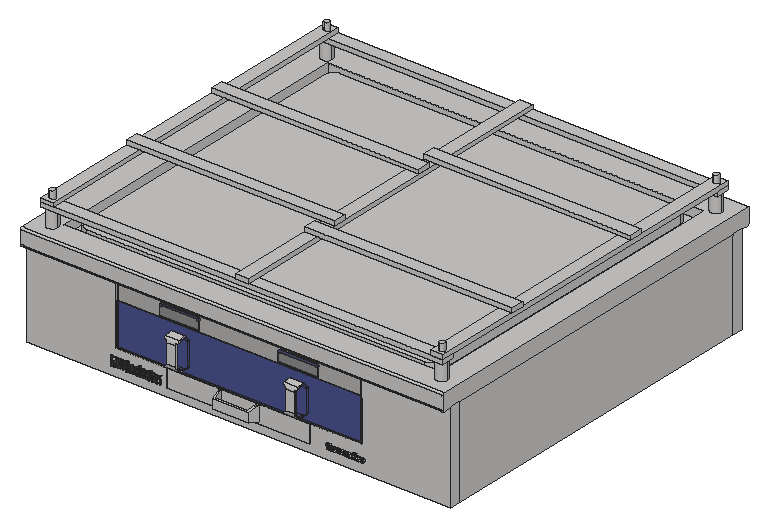
Revit family "QF_ELECTROLUXPROFESSIONAL_589873_MCLDACJODM", category Specialty Equipment, Revit 2014
Parameters
  Weight in Pounds = 487.22
  URL Cutsheet = ""
  Type Mark [instance] = ""
  Specification by User [instance] = ""
  Specification by Manufacturer = ""
  Serial Number = ""
  Seismic Rating = ""
  SMACNA No = ""
  Revision Code [instance] = ""
  Omniclass Number and Title = ""
  NAFEM Spec ID Number = ""
  Model = "588557"
  Masterspec = ""
  Manufacturer = "Electrolux Professional"
  Item Number [instance] = ""
  Installed By [instance] = ""
  Identify Quantity as Lot [instance] = yes
  Furnished By [instance] = ""
  Foodservice Equipment Identifier [instance] = yes
  Description = ""
  CSI MasterFormat = ""
  CSI Master Format = ""
Reference planes
  plane 1 "BACK": y = 0
  plane 2: z = 0
  plane 3 "LEFT": x = 0
  plane 4 "RIGHT": x = 1000
  plane 5 "FRONT": y = -900
  plane 6 "TOP": z = 900
  plane 7 "Center (Left/Right)": x = 500
  plane 8: y = -425
  plane 9: y = -150
  plane 10: x = 55
  plane 11: x = 945
  plane 12: y = -60
  plane 13: y = -840
  plane 14 "EIx": x = 955
  plane 15 "EIy": y = -685
  plane 16: z = 938
  plane 17 "BaseTop": z = 650
  plane 18: y = -855
Forms (mm)
  Extrusion 1, solid, material "QF_Finishes_Stainless Steel"
    sketch origin (-178.969, -4572, 100) x (-1, 0, 0) y (0, -1, 0)
      loop
        line (-178.969, -4527) -> (-178.969, -3717) -> (-1178.969, -3717) -> (-1178.969, -4527) -> (-178.969, -4527)
    from 550 to 762.969
  Extrusion 2, solid, material "QF_Finishes_Stainless Steel"
    sketch origin (200, -50, 650) x (-1, 0, 0) y (0, -1, 0)
      loop
        circle (-755, 635) r 6.35
    from 0 to -11.851
  Extrusion 3, solid, material "QF_Finishes_Stainless Steel"
    sketch origin (500, 296.4, 1219.2) x (0, 1, 0) y (0, 0, 1)
      loop
        line (-296.4, -319.2) -> (-1191.4, -319.2)
        arc (-1191.4, -319.2) -> (-1194.935, -320.664) -> (-1196.4, -324.2) r 5
        line (-1196.4, -324.2) -> (-1196.4, -355.2)
        arc (-1196.4, -355.2) -> (-1194.971, -358.264) -> (-1191.705, -359.139) r 4
        line (-1191.705, -359.139) -> (-1176.4, -356.231) -> (-316.4, -356.231) -> (-301.094, -359.139)
        arc (-301.094, -359.139) -> (-297.829, -358.264) -> (-296.4, -355.2) r 4
        line (-296.4, -355.2) -> (-296.4, -319.2)
    from -500 to 500
  Extrusion 4, solid, material "QF_Finishes_Stainless Steel"
    sketch origin (0, 0, 900) x (-1, 0, 0) y (0, -1, 0)
      loop
        arc (-100, 80) -> (-85.858, 85.858) -> (-80, 100) r 20
        line (-80, 100) -> (-80, 810)
        arc (-80, 810) -> (-85.858, 824.142) -> (-100, 830) r 20
        line (-100, 830) -> (-900, 830)
        arc (-900, 830) -> (-914.142, 824.142) -> (-920, 810) r 20
        line (-920, 810) -> (-920, 100)
        arc (-920, 100) -> (-914.142, 85.858) -> (-900, 80) r 20
        line (-900, 80) -> (-100, 80)
    from 1 to -20
  Extrusion 5, void
    sketch origin (0, 0, 900) x (-1, 0, 0) y (0, -1, 0)
      loop
        line (-55, 840) -> (-945, 840) -> (-945, 60) -> (-55, 60) -> (-55, 840)
    from 0 to -25
Cuts and joins
  Extrusion 5 cuts Extrusion 3
Lines and regions (mm)
  symbolic lines
    curve 1: line (0, 0, 100) -> (1000, 0, 100)
    curve 2: line (0, -900, 100) -> (0, 0, 100)
    curve 3: line (1000, -900, 100) -> (0, -900, 100)
    curve 4: line (1000, 0, 100) -> (1000, -900, 100)
    curve 5: arc (100, -80, 0) -> (85.858, -85.858, 0) -> (80, -100, 0) r 20
    curve 6: line (900, -80, 0) -> (515, -80, 0)
    curve 7: line (920, -810, 0) -> (920, -666, 0)
    curve 8: arc (920, -100, 0) -> (914.142, -85.858, 0) -> (900, -80, 0) r 20
    curve 9: line (80, -100, 0) -> (80, -336, 0)
    curve 10: arc (80, -810, 0) -> (85.858, -824.142, 0) -> (100, -830, 0) r 20
    curve 11: line (100, -830, 0) -> (485, -830, 0)
    curve 12: arc (900, -830, 0) -> (914.142, -824.142, 0) -> (920, -810, 0) r 20
    curve 13: line (80, -616, 0) -> (80, -810, 0)
    curve 14: line (80, -366, 0) -> (80, -586, 0)
    curve 15: line (515, -830, 0) -> (900, -830, 0)
    curve 16: line (920, -636, 0) -> (920, -316, 0)
    curve 17: line (920, -286, 0) -> (920, -100, 0)
    curve 18: line (485, -80, 0) -> (100, -80, 0)
Dimensions and locks
  plane 3 "LEFT" to plane 4 "RIGHT" = 1000 mm
  plane 5 "FRONT" to plane 1 "BACK" = 900 mm
  plane 3 "LEFT" to plane 7 "Center (Left/Right)" to plane 4 "RIGHT" = 500 mm, 500 mm
  plane 5 "FRONT" to plane 8 to plane 1 "BACK" = 475 mm, 425 mm
  plane 6 "TOP" to level = 900 mm  (x2)
  plane 1 "BACK" to plane 9 = 150 mm
  plane 1 "BACK" to Extrusion 2 = 685 mm
  locked: plane 14 "EIx" to plane 4 "RIGHT" at 45
  plane 15 "EIy" to plane 1 "BACK" = 685 mm
  plane 16 to plane 6 "TOP" = 38 mm
  plane 12 to plane 1 "BACK" = 60 mm
  plane 5 "FRONT" to plane 13 = 60 mm
  plane 3 "LEFT" to plane 10 = 55 mm
  plane 11 to plane 4 "RIGHT" = 55 mm
  locked: plane 6 "TOP" to plane 17 "BaseTop" at 250
  locked: plane 18 to plane 5 "FRONT" at 45
  aligned and locked: level to plane 2
  aligned and locked: cut or joined group of Extrusion 3, Extrusion 5 to plane 4 "RIGHT"
  aligned and locked: nested 1 to plane 18
  aligned and locked: Extrusion 1 to plane 18
  aligned and locked: plane 3 "LEFT" to nested 1
  aligned and locked: Extrusion 5 sketch curve to plane 10
  aligned and locked: Extrusion 5 sketch curve to plane 13
  aligned and locked: plane 11 to Extrusion 5 sketch curve
  aligned and locked: Extrusion 1 to plane 4 "RIGHT"
  aligned and locked: nested 3 to Extrusion 1
  aligned and locked: nested 3 to plane 3 "LEFT"
Nested families
  nested 1: "Front_Panel_W1000_Two Knobs" at (202.376, -855, 0), type "Front_Panel_W1000_Two Knobs"
  nested 2: "QF_ELECTROLUXPROFESSIONAL_MARINE1000x900_1" at (100, 0, 0), type "QF_ELECTROLUXPROFESSIONAL_MARINE1000x900_1"
    with Type Mark "", Specification by User "", Revision Code "", Item Number "", Installed By "", Identify Quantity as Lot yes, Furnished By "", Foodservice Equipment Identifier yes
  nested 3: "Front_Panel_W1000_2 Knobs" at (797.624, -45, 0) x (-1, 0, 0) z (0, 0, 1), type "Front_Panel_W1000_2 Knobs"
Connectors
  electrical at (955, -685, 638.149)
    settings: on Extrusion 2, index 1, voltage 400 V, apparent load 33000 VA, apparent load phase1 0 VA, apparent load phase2 0 VA, apparent load phase3 0 VA, power factor 1, load classification "Other", number of poles 1, system type 30, power factor state 1, is connector primary yes, connector utility no, sub classification motor no, connector description "ELECTRICAL CONNECTION"
Definition of nested family "Front_Panel_W1000_Two Knobs"
  Reference planes
    plane 1 "Center (Front/Back)": y = 0
    plane 2: z = 0
    plane 3 "Center (Left/Right)": x = 297.624
    plane 4 "Left": x = -202.376
    plane 5 "Right": x = 797.624
    plane 6: y = -45
    plane 7: x = 87.624
    plane 8: x = 157.624
    plane 9: y = -310
    plane 10: y = -25
    plane 11: x = -2.376
    plane 12: x = 437.624
    plane 13: x = 507.624
    plane 14: x = 594.715
  Forms (mm)
    Extrusion 1, solid, material "QF_Finishes_Stainless Steel"
      sketch origin (833.217, 829.203, -1.25) x (0, 1, 0) y (0, 0, 1)
        loop
          line (-854.203, 651.25) -> (-829.203, 651.25) -> (-829.203, 864.25) -> (-854.203, 864.25) -> (-854.203, 651.25)
      from -1035.593 to -35.593
    Extrusion 2, void
      sketch origin (0, 0, 0) x (1, 0, 0) y (0, 0, 1)
        loop
          line (7.624, 853.866) -> (7.624, 711.866) -> (587.624, 711.866) -> (587.624, 853.866) -> (7.624, 853.866)
      from 19.387 to 33.951
    Extrusion 3, void
      sketch origin (0, 0, 0) x (1, 0, 0) y (0, 0, 1)
        loop
          line (128.624, 711.866) -> (128.624, 668.866) -> (466.624, 668.866) -> (466.624, 711.866) -> (128.624, 711.866)
      from 19.387 to 25
    Extrusion 4, solid, material "QF_Finishes_Stainless Steel"
      sketch origin (150, 0, 1) x (1, 0, 0) y (0, 0, 1)
        loop
          line (-21.376, 710.866) -> (-21.376, 667.866) -> (316.624, 667.866) -> (316.624, 710.866) -> (-21.376, 710.866)
      from 19.387 to 25
    Extrusion 5, solid, material "QF_Finishes_Stainless Steel"
      sketch origin (150, 0, 1) x (1, 0, 0) y (0, 1, 0)
        loop
          line (106.059, -25) -> (100.966, -25) -> (105.646, -49.075) -> (189.603, -49.075) -> (194.283, -25) -> (189.189, -25) -> (185.481, -44.075) -> (109.767, -44.075) -> (106.059, -25)
      from 672.593 to 705.67
    Extrusion 6, void
      sketch origin (297.624, 0, 1) x (0, 1, 0) y (0, 0, 1)
        loop
          line (-30, 705.67) -> (-30, 710.67) -> (-56.744, 710.67) -> (-56.744, 667.593) -> (-30, 667.593) -> (-30, 672.593) -> (-53.776, 680.318) -> (-53.776, 697.945) -> (-30, 705.67)
      from -50 to 50
    Extrusion 7, solid, material "QF_Door-Drawer Clearances", detail levels coarse
      sketch origin (150, -265, 1) x (1, 0, 0) y (0, 1, 0)
        loop
          line (106.164, -71.744) -> (189.084, -71.744) -> (194.283, -45) -> (316.624, -45) -> (316.624, 240) -> (-21.376, 240) -> (-21.376, -45) -> (100.966, -45) -> (106.164, -71.744)
      from 672.593 to 705.67
    Extrusion 8, void
      sketch origin (297.624, -280, 1) x (0, 1, 0) y (0, 0, 1)
        loop
          line (-30, 705.67) -> (-30, 710.67) -> (-56.744, 710.67) -> (-56.744, 667.593) -> (-30, 667.593) -> (-30, 672.593) -> (-53.776, 680.318) -> (-53.776, 697.945) -> (-30, 705.67)
      from -50 to 50
  Cuts and joins
    Extrusion 2, Extrusion 3 cuts Extrusion 1
    Extrusion 6 cuts Extrusion 5
    Extrusion 6, Extrusion 8 cuts Extrusion 7
  Lines and regions (mm)
    symbolic lines, style "SpecialityEquipmentHiddenLines"
      curve 1: line (128.624, -45, 0) -> (128.624, -310, 0)
      curve 2: line (128.624, -310, 0) -> (466.624, -310, 0)
      curve 3: line (466.624, -310, 0) -> (466.624, -45, 0)
      curve 4: line (128.624, -300, 0) -> (466.624, -300, 0)
      curve 5: line (250.958, -309.701, 0) -> (255.638, -333.776, 0)
      curve 6: line (255.638, -333.776, 0) -> (339.595, -333.776, 0)
      curve 7: line (339.595, -333.776, 0) -> (344.275, -309.701, 0)
      curve 8: line (256.052, -309.701, 0) -> (259.76, -328.776, 0)
      curve 9: line (259.76, -328.776, 0) -> (335.474, -328.776, 0)
      curve 10: line (335.474, -328.776, 0) -> (339.181, -309.701, 0)
  Dimensions and locks
    equal spacing: plane 5 "Right", plane 3 "Center (Left/Right)", plane 4 "Left"
    plane 5 "Right" to plane 4 "Left" = 1000 mm
    plane 3 "Center (Left/Right)" to plane 8 = 140 mm
    plane 6 to plane 9 = 265 mm
    plane 12 to plane 3 "Center (Left/Right)" = 140 mm
    aligned and locked: cut or joined group of Extrusion 1, Extrusion 2, Extrusion 3 to plane 4 "Left"
    aligned and locked: plane 5 "Right" to cut or joined group of Extrusion 1, Extrusion 2, Extrusion 3
    aligned and locked: plane 3 "Center (Left/Right)" to nested 1
    aligned and locked: cut or joined group of Extrusion 1, Extrusion 2, Extrusion 3 to nested 1
    aligned and locked: plane 8 to nested 2
    aligned and locked: plane 12 to nested 3
  Automatic sketch dimensions
    plane 7 to Extrusion 3 sketch curve = 41 mm
    plane 3 "Center (Left/Right)" to Extrusion 3 sketch curve = 169 mm
    level to Extrusion 3 sketch curve = 668.866 mm
    Extrusion 3 sketch curve to Extrusion 3 sketch curve = 43 mm
    Extrusion 1 sketch curve to plane 1 "Center (Front/Back)" = 0 mm
    level to Extrusion 1 sketch curve = 650 mm
    plane 4 "Left" to Extrusion 2 sketch curve = 210 mm
    Extrusion 2 sketch curve to plane 5 "Right" = 210 mm
    level to Extrusion 2 sketch curve = 711.866 mm
    Extrusion 2 sketch curve to Extrusion 2 sketch curve = 142 mm
    plane 6 to curve 1 = 0 mm
    plane 6 to curve 3 = 0 mm
    plane 9 to curve 1 = 0 mm
    plane 7 to curve 1 = 41 mm
    curve 1 to curve 4 = 10 mm
    Extrusion 1 sketch curve to plane 6 = 20 mm
    Extrusion 1 sketch curve to Extrusion 1 sketch curve = 213 mm
    Extrusion 4 sketch curve to plane 8 = 29 mm
    plane 12 to Extrusion 4 sketch curve = 29 mm
    level to Extrusion 4 sketch curve = 668.866 mm
    Extrusion 4 sketch curve to Extrusion 4 sketch curve = 43 mm
    plane 10 to Extrusion 5 sketch curve = 0 mm  (x2)
    Extrusion 5 sketch curve to plane 3 "Center (Left/Right)" = 46.658 mm
    plane 6 to Extrusion 5 sketch curve = 4.075 mm
    Extrusion 5 sketch curve to Extrusion 5 sketch curve = 4.68 mm
    Extrusion 5 sketch curve to Extrusion 5 sketch curve = 5.094 mm  (x2)
    Extrusion 5 sketch curve to plane 6 = 0.925 mm
    Extrusion 5 sketch curve to Extrusion 5 sketch curve = 4.122 mm  (x2)
    plane 3 "Center (Left/Right)" to Extrusion 5 sketch curve = 37.857 mm
    Extrusion 5 sketch curve to Extrusion 5 sketch curve = 3.708 mm
    plane 6 to Extrusion 6 sketch curve = 11.744 mm
    plane 6 to Extrusion 6 sketch curve = 8.776 mm
    plane 10 to Extrusion 6 sketch curve = 5 mm  (x2)
    level to Extrusion 6 sketch curve = 668.593 mm
    Extrusion 6 sketch curve to Extrusion 6 sketch curve = 5 mm
    Extrusion 6 sketch curve to Extrusion 6 sketch curve = 12.725 mm  (x2)
    Extrusion 6 sketch curve to Extrusion 6 sketch curve = 17.627 mm
    Extrusion 6 sketch curve to Extrusion 6 sketch curve = 7.725 mm
    plane 10 to Extrusion 7 sketch curve = 0 mm
    Extrusion 7 sketch curve to plane 9 = 0 mm  (x2)
    Extrusion 7 sketch curve to plane 8 = 29 mm
    Extrusion 7 sketch curve to plane 3 "Center (Left/Right)" = 46.658 mm
    Extrusion 7 sketch curve to Extrusion 7 sketch curve = 5.199 mm  (x2)
    plane 3 "Center (Left/Right)" to Extrusion 7 sketch curve = 41.46 mm
    plane 12 to Extrusion 7 sketch curve = 29 mm
    Extrusion 7 sketch curve to plane 9 = 26.744 mm
    Extrusion 8 sketch curve to plane 9 = 0 mm  (x2)
    Extrusion 8 sketch curve to plane 9 = 23.776 mm
    Extrusion 8 sketch curve to Extrusion 8 sketch curve = 2.968 mm
    level to Extrusion 8 sketch curve = 668.593 mm
    Extrusion 8 sketch curve to Extrusion 8 sketch curve = 5 mm
    Extrusion 8 sketch curve to Extrusion 8 sketch curve = 12.725 mm  (x2)
    Extrusion 8 sketch curve to Extrusion 8 sketch curve = 17.627 mm
    Extrusion 8 sketch curve to Extrusion 8 sketch curve = 7.725 mm
    plane 12 to curve 3 = 29 mm
    plane 9 to curve 5 = 0.299 mm
    curve 5 to plane 3 "Center (Left/Right)" = 46.666 mm
    curve 5 to curve 5 = 4.68 mm
    plane 9 to curve 8 = 0.299 mm
    curve 5 to curve 8 = 5.094 mm
    curve 5 to curve 9 = 4.122 mm
    curve 9 to plane 9 = 18.776 mm
    plane 3 "Center (Left/Right)" to curve 9 = 37.849 mm
    plane 9 to curve 10 = 0.299 mm
    curve 9 to curve 10 = 3.708 mm
    curve 9 to curve 7 = 4.122 mm
    plane 9 to curve 7 = 0.299 mm
    curve 10 to curve 7 = 5.094 mm
    curve 6 to curve 8 = 5 mm
  Nested families
    nested 1: "Front glass control panel W1000_2" at (297.624, 280.644, 2.752), type "Front glass control panel W1000_2"
    nested 2: "Range Control Handle" at (157.624, -28.137, -209.113) x (-1, 0, 0) z (0, 0, 1), type "Range Control Handle"
    nested 3: "Range Control Handle" at (437.624, -28.137, -209.113), type "Range Control Handle"
    nested 4: "ELX_ThermaLine_Small" at (546.122, -25, 679.426) x (1, 0, 0) z (0, -1, 0), type "ELX_ThermaLine_Small"
      with Show Logo yes, Material_Logo QF_Finishes_Black
    nested 5: "ELX_Professional_Logo_Small" at (57.11, -25, 681.659) x (1, 0, 0) z (0, -1, 0), type "ELX_Professional_Logo_Small"
      with Show Logo yes, Material_Logo QF_Finishes_Black
  Definition of nested family "Front glass control panel W1000_2"
    Reference planes
      plane 1 "Center (Front/Back)": y = 0
      plane 2: z = 0
      plane 3 "Center (Left/Right)": x = 0
      plane 4: x = -140
      plane 5: x = 140
    Forms (mm)
      Extrusion 1, solid, material "QF_Finishes_Electrolux Cyan"
        sketch origin (378.286, 0, 0.617) x (1, 0, 0) y (0, 0, 1)
          loop
            line (-668.286, 806.791) -> (-668.286, 708.497) -> (-88.286, 708.497) -> (-88.286, 806.791) -> (-668.286, 806.791)
        from 300.031 to 304.8
      Extrusion 2, solid, material "QF_Finishes_Electrolux_Black"
        sketch origin (378.286, 0, 0.617) x (1, 0, 0) y (0, 0, 1)
          loop
            line (-668.286, 850.497) -> (-668.286, 806.791) -> (-88.286, 806.791) -> (-88.286, 850.497) -> (-668.286, 850.497)
        from 300.031 to 304.8
      Extrusion 3, void
        sketch origin (378.286, 0, 0.617) x (1, 0, 0) y (0, 0, 1)
          loop
            line (-665.628, 847.565) -> (-665.628, 710.699) -> (-91.196, 710.699) -> (-91.196, 847.565) -> (-665.628, 847.565)
        from 303.697 to 304.8
      Extrusion 4, solid, material "QF_Finishes_Electrolux_Black Smoke Iluminated"
        sketch origin (-448.309, 1.101, -0.633) x (-1, 0, 0) y (0, 0, -1)
          loop
            line (-261.431, -812.62) -> (-355.186, -812.62) -> (-355.186, -834.177) -> (-350.269, -834.177) -> (-348.469, -835.977) -> (-268.039, -835.977) -> (-266.24, -834.177) -> (-261.431, -834.177) -> (-261.431, -812.62)
        from 304.798 to 306.745
      Extrusion 5, solid, material "QF_Finishes_Electrolux_Royal Blue Illuminated"
        sketch origin (-448.309, 1.101, -0.633) x (-1, 0, 0) y (0, 0, -1)
          loop
            line (-350.269, -834.177) -> (-355.078, -834.177)
            arc (-355.078, -834.177) -> (-353.942, -838.747) -> (-349.686, -840.763) r 5.5
            line (-349.686, -840.763) -> (-266.98, -840.763)
            arc (-266.98, -840.763) -> (-262.706, -838.752) -> (-261.529, -834.177) r 5.549
            line (-261.529, -834.177) -> (-266.24, -834.177) -> (-268.039, -835.977) -> (-348.469, -835.977) -> (-350.269, -834.177)
        from 304.798 to 306.745
      Extrusion 6, solid, material "QF_Finishes_Electrolux_Black Smoke Iluminated"
        sketch origin (448.309, 1.101, -0.633) x (1, 0, 0) y (0, 0, 1)
          loop
            line (-261.431, 812.62) -> (-261.431, 834.177) -> (-266.24, 834.177) -> (-268.039, 835.977) -> (-348.469, 835.977) -> (-350.269, 834.177) -> (-355.186, 834.177) -> (-355.186, 812.62) -> (-261.431, 812.62)
        from 304.798 to 306.745
      Extrusion 7, solid, material "QF_Finishes_Electrolux_Royal Blue Illuminated"
        sketch origin (448.309, 1.101, -0.633) x (1, 0, 0) y (0, 0, 1)
          loop
            line (-350.269, 834.177) -> (-348.469, 835.977) -> (-268.039, 835.977) -> (-266.24, 834.177) -> (-261.529, 834.177)
            arc (-261.529, 834.177) -> (-262.706, 838.752) -> (-266.98, 840.763) r 5.549
            line (-266.98, 840.763) -> (-349.686, 840.763)
            arc (-349.686, 840.763) -> (-353.942, 838.747) -> (-355.078, 834.177) r 5.5
            line (-355.078, 834.177) -> (-350.269, 834.177)
        from 304.798 to 306.745
    Cuts and joins
      Extrusion 3 cuts Extrusion 1
      Extrusion 3 cuts Extrusion 2
    Dimensions and locks
      plane 3 "Center (Left/Right)" to plane 4 = 140 mm
      plane 5 to plane 3 "Center (Left/Right)" = 140 mm
      aligned and locked: Extrusion 1 to Extrusion 2
      aligned and locked: Extrusion 5 sketch curve to Extrusion 4  (x5)
      aligned and locked: Extrusion 5 to Extrusion 4
      aligned and locked: Extrusion 7 sketch curve to Extrusion 6  (x4)
      aligned and locked: Extrusion 6 to Extrusion 7 sketch curve
      aligned and locked: Extrusion 7 to Extrusion 6
  Definition of nested family "Range Control Handle"
    Reference planes
      plane 1 "Center (Front/Back)": y = 0
      plane 2: z = 0
      plane 3 "Center (Left/Right)": x = 0
      plane 4: z = 971.092
      plane 5: y = -16.9
    Forms (mm)
      Extrusion 1, solid, material "QF_Finishes_Electrolux Cyan"
        sketch origin (-746.28, 380.497, 208.931) x (-1, 0, 0) y (0, 0, 1)
          loop
            line (-770.101, 786.798) -> (-770.101, 731.649)
            arc (-770.101, 731.649) -> (-769.759, 730.563) -> (-768.855, 729.87) r 1.893
            line (-768.855, 729.87) -> (-763.474, 727.911) -> (-729.81, 727.911) -> (-724.428, 729.87)
            arc (-724.428, 729.87) -> (-723.525, 730.563) -> (-723.183, 731.649) r 1.893
            line (-723.183, 731.649) -> (-723.183, 786.798)
            arc (-723.183, 786.798) -> (-723.529, 787.894) -> (-724.44, 788.593) r 1.91
            line (-724.44, 788.593) -> (-729.683, 790.819) -> (-763.601, 790.819) -> (-768.844, 788.593)
            arc (-768.844, 788.593) -> (-769.755, 787.894) -> (-770.101, 786.798) r 1.91
        from -382.35 to -378.852
      Sweep 2, solid, material "QF_Finishes_Electrolux Cyan"
        path origin (-746.788, 380.496, 208.091) x (0, -1, 0) y (0, 0, 1)
          loop
            line (379.775, 793.281) -> (395.661, 791.048)
            arc (395.661, 791.048) -> (397.781, 787.377) -> (398.517, 783.202) r 12.207
            line (398.517, 783.202) -> (398.517, 737.368)
            arc (398.517, 737.368) -> (397.781, 733.193) -> (395.661, 729.522) r 12.207
            line (395.661, 729.522) -> (379.775, 727.289)
        profile origin (-746.788, -7.222, 1000.256) x (0, -0.139173, 0.990268) y (-1, 0, 0)
          loop
            line (0.782, -763.123) -> (0.782, -730.907) -> (-1.322, -730.907) -> (-1.322, -763.123) -> (0.782, -763.123)
      Sweep 3, solid, material "QF_Finishes_Stainless Steel"
        path origin (-746.788, 380.715, 207.832) x (0, -1, 0) y (0, 0, 1)
          loop
            line (380.478, 795.442) -> (397.218, 793.09)
            arc (397.218, 793.09) -> (399.929, 788.473) -> (400.871, 783.202) r 15.207
            line (400.871, 783.202) -> (400.871, 737.584)
            arc (400.871, 737.584) -> (399.914, 732.274) -> (397.164, 727.633) r 15.207
            line (397.164, 727.633) -> (380.601, 725.305)
        profile origin (-746.788, -8.132, 1002.099) x (0, -0.139173, 0.990268) y (-1, 0, 0)
          loop
            line (0.782, -763.123) -> (0.782, -730.907) -> (-1.322, -730.907) -> (-1.322, -763.123) -> (0.782, -763.123)
      Extrusion 4, void
        sketch origin (889.253, 220.666, 207.993) x (1, 0, 0) y (0, 0, 1)
          loop
            line (-943.038, 816.854) -> (-943.038, 703.686) -> (-899.466, 734.196) -> (-899.466, 786.344) -> (-943.038, 816.854)
        from 230.636 to 242.25
      Extrusion 5, void
        sketch origin (-888.8, 220.666, 207.993) x (-1, 0, 0) y (0, 0, -1)
          loop
            line (-943.038, -816.854) -> (-899.466, -786.344) -> (-899.466, -734.196) -> (-943.038, -703.686) -> (-943.038, -816.854)
        from 230.636 to 242.25
      Extrusion 6, solid, material "QF_Finishes_Electrolux Cyan"
        sketch origin (0, 0, 0) x (1, 0, 0) y (0, 0, 1)
          loop
            circle (0, 971.092) r 7.736
        from -3.137 to -1.645
    Cuts and joins
      Extrusion 4, Extrusion 5 cuts Sweep 3
      Extrusion 4, Extrusion 5 cuts Sweep 2
      joined: Extrusion 1, Extrusion 6
    Lines and regions (mm)
      symbolic lines
        curve 1: line (16.334, -16.9, 0) -> (16.334, -19.227, 0)
        curve 2: spline (16.334, -19.227, 0) -> (15.87, -19.385, 0) -> (15.404, -19.536, 0) -> (14.936, -19.678, 0) -> (14.466, -19.813, 0) -> (13.995, -19.94, 0) -> (13.523, -20.059, 0) -> (13.049, -20.171, 0) -> (12.575, -20.274, 0) -> (12.099, -20.37, 0) -> (11.622, -20.458, 0) -> (11.144, -20.537, 0) -> (10.666, -20.609, 0)
        curve 3: line (10.666, -16.9, 0) -> (10.666, -20.938, 0)
        curve 4: line (-10.213, -20.938, 0) -> (10.666, -20.938, 0)
        curve 5: line (-10.213, -20.938, 0) -> (-10.213, -16.9, 0)
        curve 6: spline (-10.213, -20.609, 0) -> (-10.691, -20.537, 0) -> (-11.169, -20.458, 0) -> (-11.646, -20.37, 0) -> (-12.122, -20.274, 0) -> (-12.597, -20.171, 0) -> (-13.07, -20.059, 0) -> (-13.542, -19.94, 0) -> (-14.013, -19.813, 0) -> (-14.483, -19.678, 0) -> (-14.951, -19.536, 0) -> (-15.417, -19.385, 0) -> (-15.881, -19.227, 0)
        curve 7: line (-15.881, -19.227, 0) -> (-15.881, -16.9, 0)
  Definition of nested family "ELX_ThermaLine_Small"
    Parameters (values of type "ELX_ThermaLine_Small")
      Show Logo [instance] = yes
      Material_Logo [instance] = QF_Finishes_Black
      Default Elevation = 0 mm
    Reference planes
      plane 1 "Centro (Fronte/Retro)": y = 0
      plane 2: z = 0
      plane 3 "Centro (Sinistra/Destra)": x = 0
    Forms (mm)
      Extrusion 1, solid
        sketch origin (0, 0, 0) x (1, 0, 0) y (0, 1, 0)
          loop
            line (-1219.2, 1219.2) -> (-1219.2, -1219.2) -> (1219.2, -1219.2) -> (1219.2, 1219.2) -> (-1219.2, 1219.2)
        from 0 to -304.8
      Extrusion 2, solid, material "QF_Finishes_White"
        sketch origin (0, 0, 0) x (1, 0, 0) y (0, 1, 0)
          loop
            line (-37.494, 1.229) -> (-35.908, 1.229) -> (-35.908, 3.066) -> (-37.494, 3.066) -> (-37.494, 6.221) -> (-39.867, 4.881) -> (-39.867, 3.066) -> (-40.969, 3.066) -> (-40.969, 1.229) -> (-39.867, 1.229) -> (-39.867, -3.407)
            arc (-39.867, -3.407) -> (-38.982, -5.513) -> (-36.751, -6.001) r 2.478
            line (-36.751, -6.001) -> (-35.638, -5.7) -> (-35.9, -3.835) -> (-36.661, -4.039)
            arc (-36.661, -4.039) -> (-37.236, -3.924) -> (-37.494, -3.399) r 0.662
            line (-37.494, -3.399) -> (-37.494, 1.229)
          loop
            line (-34.242, 6.539) -> (-34.242, -5.848) -> (-31.854, -5.848) -> (-31.854, -0.078)
            arc (-31.854, -0.078) -> (-30.939, 1.249) -> (-29.33, 1.367) r 1.866
            arc (-29.33, 1.367) -> (-28.695, 0.768) -> (-28.461, -0.073) r 1.627
            line (-28.461, -0.073) -> (-28.461, -5.848) -> (-26.086, -5.848) -> (-26.064, -0.46)
            arc (-26.064, -0.46) -> (-26.261, 0.932) -> (-26.786, 2.237) r 5.825
            arc (-26.786, 2.237) -> (-29.381, 3.264) -> (-31.854, 1.971) r 3.353
            line (-31.854, 1.971) -> (-31.854, 6.539) -> (-34.242, 6.539)
          loop
            arc (-18.398, -0.598) -> (-18.893, 0.879) -> (-20.326, 1.487) r 1.897
            arc (-20.326, 1.487) -> (-21.461, 0.708) -> (-21.897, -0.598) r 2.164
            line (-21.897, -0.598) -> (-18.398, -0.598)
          loop
            arc (-16.021, -2.044) -> (-16.754, 1.227) -> (-19.444, 3.226) r 4.814
            arc (-19.444, 3.226) -> (-22.137, 2.788) -> (-23.943, 0.743) r 4.054
            arc (-23.943, 0.743) -> (-24.382, -1.249) -> (-24.162, -3.276) r 6.289
            arc (-24.162, -3.276) -> (-23.302, -4.71) -> (-21.958, -5.705) r 4.28
            arc (-21.958, -5.705) -> (-18.558, -5.814) -> (-16.152, -3.409) r 4.28
            line (-16.152, -3.409) -> (-18.5, -2.995)
            arc (-18.5, -2.995) -> (-19.273, -3.994) -> (-20.533, -4.076) r 1.536
            arc (-20.533, -4.076) -> (-21.56, -3.281) -> (-21.958, -2.044) r 2.197
            line (-21.958, -2.044) -> (-16.021, -2.044)
          loop
            line (-14.165, -5.848) -> (-11.819, -5.848) -> (-11.819, -2.138)
            arc (-11.819, -2.138) -> (-11.787, -1.156) -> (-11.637, -0.185) r 8.18
            arc (-11.637, -0.185) -> (-10.644, 0.972) -> (-9.132, 0.776) r 1.603
            line (-9.132, 0.776) -> (-8.419, 2.846)
            arc (-8.419, 2.846) -> (-10.432, 3.118) -> (-11.994, 1.821) r 2.527
            line (-11.994, 1.821) -> (-11.994, 3.094) -> (-14.165, 3.094) -> (-14.165, -5.848)
          loop
            line (-7.579, 3.094) -> (-7.579, -5.848) -> (-5.178, -5.848) -> (-5.178, -0.756)
            arc (-5.178, -0.756) -> (-4.727, 0.679) -> (-3.417, 1.419) r 2.05
            arc (-3.417, 1.419) -> (-2.499, 0.908) -> (-2.155, -0.085) r 1.471
            line (-2.155, -0.085) -> (-2.155, -5.848) -> (0.23, -5.848) -> (0.23, -1.001)
            arc (0.23, -1.001) -> (0.47, 0.127) -> (1.148, 1.061) r 2.775
            arc (1.148, 1.061) -> (2.225, 1.329) -> (3.05, 0.587) r 1.182
            arc (3.05, 0.587) -> (3.199, -0.019) -> (3.214, -0.642) r 2.894
            line (3.214, -0.642) -> (3.214, -5.848) -> (5.601, -5.848) -> (5.601, 0.261)
            arc (5.601, 0.261) -> (4.87, 2.263) -> (2.976, 3.241) r 2.932
            arc (2.976, 3.241) -> (1.284, 2.973) -> (-0.047, 1.896) r 3.309
            arc (-0.047, 1.896) -> (-1.116, 2.865) -> (-2.506, 3.258) r 3.16
            arc (-2.506, 3.258) -> (-4.105, 2.942) -> (-5.376, 1.92) r 3.419
            line (-5.376, 1.92) -> (-5.376, 3.094) -> (-7.579, 3.094)
          loop
            line (7.583, 0.738) -> (9.702, 0.364)
            arc (9.702, 0.364) -> (11.441, 1.492) -> (12.855, -0.023) r 1.613
            line (12.855, -0.023) -> (9.782, -0.789)
            arc (9.782, -0.789) -> (8.559, -1.346) -> (7.617, -2.305) r 3.687
            arc (7.617, -2.305) -> (7.499, -3.681) -> (7.901, -5.003) r 3.651
            arc (7.901, -5.003) -> (9.107, -5.766) -> (10.515, -6.006) r 3.635
            arc (10.515, -6.006) -> (11.898, -5.697) -> (13.067, -4.895) r 3.734
            line (13.067, -4.895) -> (13.376, -5.848) -> (15.75, -5.848) -> (15.212, -4.193) -> (15.212, 0.38)
            arc (15.212, 0.38) -> (14.897, 1.849) -> (13.818, 2.895) r 2.585
            arc (13.818, 2.895) -> (11.792, 3.442) -> (9.719, 3.11) r 5.005
            arc (9.719, 3.11) -> (8.369, 2.178) -> (7.583, 0.738) r 3.54
          loop
            line (19.723, -5.848) -> (22.233, -5.848) -> (24.854, 6.484) -> (22.345, 6.484) -> (19.723, -5.848)
          loop
            line (24.583, -5.848) -> (26.953, -5.848) -> (28.848, 3.066) -> (26.478, 3.066) -> (24.583, -5.848)
          loop
            line (27.204, 6.484) -> (26.741, 4.305) -> (29.111, 4.305) -> (29.575, 6.484) -> (27.204, 6.484)
          loop
            line (29.355, -5.848) -> (31.849, -5.848) -> (33.098, 0.028)
            arc (33.098, 0.028) -> (34.169, 1.306) -> (35.832, 1.422) r 2.132
            arc (35.832, 1.422) -> (36.324, 0.752) -> (36.383, -0.078) r 1.5
            line (36.383, -0.078) -> (35.157, -5.848) -> (37.536, -5.848) -> (38.936, 0.738)
            arc (38.936, 0.738) -> (38.775, 2.091) -> (37.825, 3.066) r 2.118
            arc (37.825, 3.066) -> (35.392, 3.175) -> (33.295, 1.937) r 4.271
            line (33.295, 1.937) -> (33.535, 3.066) -> (31.25, 3.066) -> (29.355, -5.848)
          loop
            line (42.792, -0.64) -> (46.589, -0.64)
            arc (46.589, -0.64) -> (46.639, 0.124) -> (46.327, 0.823) r 1.589
            arc (46.327, 0.823) -> (45.117, 1.521) -> (43.762, 1.183) r 1.865
            arc (43.762, 1.183) -> (43.141, 0.344) -> (42.792, -0.64) r 3.538
          loop
            line (42.565, -2.138) -> (48.593, -2.138)
            arc (48.593, -2.138) -> (48.58, 0.597) -> (46.983, 2.818) r 4.494
            arc (46.983, 2.818) -> (44.191, 3.28) -> (41.725, 1.891) r 4.26
            arc (41.725, 1.891) -> (40.503, -0.3) -> (40.284, -2.799) r 6.003
            arc (40.284, -2.799) -> (40.959, -4.468) -> (42.377, -5.576) r 3.482
            arc (42.377, -5.576) -> (44.265, -5.961) -> (46.152, -5.576) r 4.823
            arc (46.152, -5.576) -> (47.432, -4.731) -> (48.328, -3.485) r 4.245
            line (48.328, -3.485) -> (46.168, -3.105)
            arc (46.168, -3.105) -> (45.214, -4.072) -> (43.859, -4.181) r 1.953
            arc (43.859, -4.181) -> (42.821, -3.408) -> (42.565, -2.138) r 1.81
          loop
            line (12.868, -1.553) -> (10.216, -2.214)
            arc (10.216, -2.214) -> (9.747, -3.136) -> (10.216, -4.058) r 1.14
            arc (10.216, -4.058) -> (11.537, -4.249) -> (12.614, -3.46) r 1.763
            arc (12.614, -3.46) -> (12.858, -2.522) -> (12.868, -1.553) r 3.97
        from 0 to 1.6
    Dimensions and locks
      aligned and locked: plane 2 to Extrusion 1
      aligned and locked: level to Extrusion 1
  Definition of nested family "ELX_Professional_Logo_Small"
    Parameters (values of type "ELX_Professional_Logo_Small")
      Show Logo [instance] = yes
      Material_Logo [instance] = QF_Finishes_Black
      Default Elevation = 0 mm
    Reference planes
      plane 1 "Centro (Fronte/Retro)": y = 0
      plane 2: z = 0
      plane 3 "Centro (Sinistra/Destra)": x = 0
    Forms (mm)
      Extrusion 1, solid
        sketch origin (0, 0, 0) x (1, 0, 0) y (0, 1, 0)
          loop
            line (-1219.2, 1219.2) -> (-1219.2, -1219.2) -> (1219.2, -1219.2) -> (1219.2, 1219.2) -> (-1219.2, 1219.2)
        from 0 to -304.8
      Extrusion 2, solid, material "QF_Finishes_Black" <- "Material_Logo"
        sketch origin (15.5, 0, 0) x (1, 0, 0) y (0, 1, 0)
          loop
            spline (-42.99, -1.24) -> (-43.195, -1.231) -> (-43.415, -1.203) -> (-43.642, -1.152) -> (-43.87, -1.074) -> (-44.095, -0.966) -> (-44.309, -0.825) -> (-44.506, -0.647) -> (-44.681, -0.429) -> (-44.828, -0.167) -> (-44.94, 0.142) -> (-45.011, 0.501) -> (-45.037, 0.915)
            line (-45.037, 0.915) -> (-45.037, 2.748) -> (-38.984, 2.748) -> (-38.984, 5.086) -> (-45.038, 5.086) -> (-45.038, 8.489) -> (-38.599, 8.489) -> (-38.599, 10.82) -> (-47.515, 10.82) -> (-47.515, 1.021)
            spline (-47.515, 1.021) -> (-47.493, 0.418) -> (-47.425, -0.15) -> (-47.311, -0.682) -> (-47.15, -1.175) -> (-46.939, -1.628) -> (-46.678, -2.038) -> (-46.365, -2.404) -> (-46, -2.723) -> (-45.58, -2.995) -> (-45.105, -3.216) -> (-44.573, -3.385) -> (-43.983, -3.499)
            line (-43.983, -3.499) -> (-43.01, -3.569) -> (-38.426, -3.569) -> (-38.426, -1.24) -> (-42.99, -1.24)
          loop
            line (-36.666, 4.021) -> (-36.666, -3.573) -> (-34.188, -3.573) -> (-34.188, 10.824) -> (-36.666, 10.824) -> (-36.666, 4.021)
          loop
            spline (-21.915, 1.897) -> (-21.957, 2.615) -> (-22.082, 3.303) -> (-22.285, 3.955) -> (-22.563, 4.564) -> (-22.913, 5.124) -> (-23.331, 5.629) -> (-23.814, 6.074) -> (-24.359, 6.451) -> (-24.961, 6.755) -> (-25.618, 6.98) -> (-26.326, 7.119) -> (-27.081, 7.167)
            spline (-27.081, 7.167) -> (-27.853, 7.122) -> (-28.586, 6.99) -> (-29.275, 6.774) -> (-29.915, 6.478) -> (-30.5, 6.104) -> (-31.024, 5.657) -> (-31.483, 5.138) -> (-31.871, 4.553) -> (-32.182, 3.904) -> (-32.411, 3.194) -> (-32.552, 2.427) -> (-32.6, 1.606)
            spline (-32.6, 1.606) -> (-32.553, 0.805) -> (-32.416, 0.057) -> (-32.193, -0.637) -> (-31.887, -1.271) -> (-31.504, -1.843) -> (-31.048, -2.35) -> (-30.523, -2.788) -> (-29.934, -3.154) -> (-29.284, -3.444) -> (-28.579, -3.656) -> (-27.822, -3.785) -> (-27.019, -3.829)
            spline (-27.019, -3.829) -> (-26.627, -3.82) -> (-26.239, -3.79) -> (-25.856, -3.739) -> (-25.477, -3.663) -> (-25.103, -3.562) -> (-24.734, -3.432) -> (-24.369, -3.273) -> (-24.01, -3.082) -> (-23.655, -2.858) -> (-23.305, -2.597) -> (-22.96, -2.299) -> (-22.621, -1.962)
            line (-22.621, -1.962) -> (-24.114, -0.509)
            spline (-24.114, -0.509) -> (-24.311, -0.699) -> (-24.509, -0.872) -> (-24.71, -1.03) -> (-24.915, -1.172) -> (-25.126, -1.297) -> (-25.346, -1.407) -> (-25.576, -1.5) -> (-25.817, -1.576) -> (-26.072, -1.636) -> (-26.342, -1.678) -> (-26.629, -1.704) -> (-26.936, -1.713)
            spline (-26.936, -1.713) -> (-27.384, -1.691) -> (-27.805, -1.625) -> (-28.196, -1.518) -> (-28.556, -1.372) -> (-28.882, -1.187) -> (-29.174, -0.966) -> (-29.429, -0.71) -> (-29.645, -0.422) -> (-29.821, -0.102) -> (-29.955, 0.247) -> (-30.045, 0.623) -> (-30.089, 1.026)
            line (-30.089, 1.026) -> (-21.956, 1.026) -> (-21.915, 1.897)
          loop
            spline (-24.446, 2.769) -> (-24.47, 3.075) -> (-24.54, 3.37) -> (-24.654, 3.65) -> (-24.807, 3.913) -> (-24.996, 4.156) -> (-25.219, 4.376) -> (-25.472, 4.57) -> (-25.753, 4.736) -> (-26.057, 4.869) -> (-26.382, 4.968) -> (-26.724, 5.03) -> (-27.081, 5.051)
            spline (-27.081, 5.051) -> (-27.464, 5.03) -> (-27.832, 4.97) -> (-28.183, 4.872) -> (-28.513, 4.74) -> (-28.819, 4.577) -> (-29.099, 4.384) -> (-29.347, 4.165) -> (-29.563, 3.923) -> (-29.742, 3.659) -> (-29.881, 3.377) -> (-29.977, 3.079) -> (-30.027, 2.769)
            line (-30.027, 2.769) -> (-24.446, 2.769)
          loop
            spline (-18.167, 1.669) -> (-18.138, 2.13) -> (-18.055, 2.567) -> (-17.921, 2.978) -> (-17.739, 3.358) -> (-17.512, 3.705) -> (-17.243, 4.016) -> (-16.937, 4.287) -> (-16.596, 4.517) -> (-16.223, 4.7) -> (-15.823, 4.835) -> (-15.398, 4.919) -> (-14.951, 4.947)
            spline (-14.951, 4.947) -> (-14.677, 4.938) -> (-14.414, 4.913) -> (-14.162, 4.871) -> (-13.921, 4.812) -> (-13.69, 4.738) -> (-13.467, 4.649) -> (-13.254, 4.544) -> (-13.048, 4.424) -> (-12.85, 4.291) -> (-12.659, 4.143) -> (-12.474, 3.981) -> (-12.295, 3.806)
            line (-12.295, 3.806) -> (-10.76, 5.403)
            spline (-10.76, 5.403) -> (-11.065, 5.709) -> (-11.38, 5.984) -> (-11.703, 6.228) -> (-12.035, 6.443) -> (-12.375, 6.63) -> (-12.723, 6.788) -> (-13.078, 6.92) -> (-13.44, 7.026) -> (-13.809, 7.107) -> (-14.184, 7.164) -> (-14.564, 7.198) -> (-14.951, 7.209)
            spline (-14.951, 7.209) -> (-15.725, 7.161) -> (-16.467, 7.02) -> (-17.169, 6.792) -> (-17.826, 6.482) -> (-18.43, 6.096) -> (-18.976, 5.637) -> (-19.455, 5.112) -> (-19.862, 4.525) -> (-20.19, 3.882) -> (-20.433, 3.189) -> (-20.584, 2.449) -> (-20.635, 1.669)
            spline (-20.635, 1.669) -> (-20.584, 0.889) -> (-20.433, 0.149) -> (-20.19, -0.545) -> (-19.862, -1.187) -> (-19.455, -1.774) -> (-18.976, -2.299) -> (-18.43, -2.758) -> (-17.826, -3.145) -> (-17.169, -3.454) -> (-16.467, -3.682) -> (-15.725, -3.823) -> (-14.951, -3.871)
            spline (-14.951, -3.871) -> (-14.564, -3.86) -> (-14.184, -3.826) -> (-13.809, -3.77) -> (-13.44, -3.689) -> (-13.078, -3.583) -> (-12.723, -3.451) -> (-12.375, -3.292) -> (-12.035, -3.105) -> (-11.703, -2.89) -> (-11.38, -2.646) -> (-11.065, -2.371) -> (-10.76, -2.066)
            line (-10.76, -2.066) -> (-12.295, -0.468)
            spline (-12.295, -0.468) -> (-12.474, -0.643) -> (-12.659, -0.805) -> (-12.85, -0.953) -> (-13.048, -1.087) -> (-13.254, -1.206) -> (-13.467, -1.311) -> (-13.69, -1.4) -> (-13.921, -1.475) -> (-14.162, -1.533) -> (-14.414, -1.575) -> (-14.677, -1.6) -> (-14.951, -1.609)
            spline (-14.951, -1.609) -> (-15.398, -1.581) -> (-15.823, -1.497) -> (-16.223, -1.362) -> (-16.596, -1.179) -> (-16.937, -0.95) -> (-17.243, -0.678) -> (-17.512, -0.367) -> (-17.739, -0.02) -> (-17.921, 0.36) -> (-18.055, 0.771) -> (-18.138, 1.208) -> (-18.167, 1.669)
          loop
            spline (-4.441, -1.243) -> (-4.659, -1.247) -> (-4.894, -1.23) -> (-5.137, -1.19) -> (-5.384, -1.121) -> (-5.628, -1.021) -> (-5.864, -0.884) -> (-6.084, -0.708) -> (-6.283, -0.488) -> (-6.454, -0.219) -> (-6.592, 0.101) -> (-6.69, 0.478) -> (-6.742, 0.914)
            line (-6.742, 0.914) -> (-6.742, 4.587) -> (-4.487, 4.587) -> (-4.487, 6.838) -> (-6.738, 6.838) -> (-6.738, 10.824) -> (-9.217, 10.824) -> (-9.217, 0.773)
            spline (-9.217, 0.773) -> (-9.164, 0.19) -> (-9.068, -0.358) -> (-8.928, -0.87) -> (-8.742, -1.343) -> (-8.511, -1.777) -> (-8.232, -2.168) -> (-7.904, -2.515) -> (-7.527, -2.816) -> (-7.098, -3.069) -> (-6.618, -3.273) -> (-6.084, -3.426) -> (-5.496, -3.525)
            line (-5.496, -3.525) -> (-4.45, -3.573) -> (-4.441, -1.243)
          loop
            spline (3.898, 6.983) -> (3.469, 7.009) -> (3.056, 7.001) -> (2.661, 6.961) -> (2.283, 6.888) -> (1.925, 6.785) -> (1.588, 6.652) -> (1.272, 6.49) -> (0.979, 6.301) -> (0.71, 6.085) -> (0.465, 5.844) -> (0.247, 5.578) -> (0.056, 5.289)
            line (0.056, 5.289) -> (0.056, 6.838) -> (-2.402, 6.838) -> (-2.402, -3.572) -> (0.056, -3.572) -> (0.056, 1.901)
            spline (0.056, 1.901) -> (0.079, 2.316) -> (0.145, 2.703) -> (0.254, 3.06) -> (0.404, 3.386) -> (0.592, 3.679) -> (0.818, 3.938) -> (1.08, 4.162) -> (1.375, 4.348) -> (1.703, 4.495) -> (2.062, 4.602) -> (2.45, 4.668) -> (2.865, 4.69)
            line (2.865, 4.69) -> (3.898, 4.586) -> (3.898, 6.983)
          loop
            spline (15.638, 1.633) -> (15.586, 2.396) -> (15.435, 3.124) -> (15.192, 3.81) -> (14.863, 4.449) -> (14.455, 5.034) -> (13.975, 5.56) -> (13.43, 6.021) -> (12.826, 6.411) -> (12.17, 6.724) -> (11.469, 6.955) -> (10.729, 7.098) -> (9.958, 7.147)
            spline (9.958, 7.147) -> (9.182, 7.098) -> (8.44, 6.955) -> (7.737, 6.724) -> (7.081, 6.411) -> (6.477, 6.021) -> (5.933, 5.56) -> (5.454, 5.034) -> (5.048, 4.449) -> (4.721, 3.81) -> (4.479, 3.124) -> (4.329, 2.396) -> (4.277, 1.633)
            spline (4.277, 1.633) -> (4.329, 0.869) -> (4.479, 0.141) -> (4.721, -0.544) -> (5.048, -1.183) -> (5.454, -1.768) -> (5.933, -2.294) -> (6.477, -2.755) -> (7.081, -3.145) -> (7.737, -3.459) -> (8.44, -3.69) -> (9.182, -3.833) -> (9.958, -3.882)
            spline (9.958, -3.882) -> (10.729, -3.833) -> (11.469, -3.69) -> (12.17, -3.459) -> (12.826, -3.145) -> (13.43, -2.755) -> (13.975, -2.294) -> (14.455, -1.768) -> (14.863, -1.183) -> (15.192, -0.544) -> (15.435, 0.141) -> (15.586, 0.869) -> (15.638, 1.633)
          loop
            spline (13.18, 1.633) -> (13.151, 2.083) -> (13.067, 2.513) -> (12.932, 2.918) -> (12.748, 3.296) -> (12.52, 3.642) -> (12.251, 3.954) -> (11.943, 4.227) -> (11.601, 4.459) -> (11.228, 4.645) -> (10.828, 4.782) -> (10.403, 4.867) -> (9.958, 4.896)
            spline (9.958, 4.896) -> (9.509, 4.867) -> (9.081, 4.782) -> (8.679, 4.645) -> (8.306, 4.459) -> (7.964, 4.227) -> (7.658, 3.954) -> (7.39, 3.642) -> (7.163, 3.296) -> (6.981, 2.918) -> (6.847, 2.513) -> (6.765, 2.083) -> (6.736, 1.633)
            spline (6.736, 1.633) -> (6.765, 1.182) -> (6.847, 0.753) -> (6.981, 0.347) -> (7.163, -0.031) -> (7.39, -0.377) -> (7.658, -0.689) -> (7.964, -0.962) -> (8.306, -1.193) -> (8.679, -1.38) -> (9.081, -1.517) -> (9.509, -1.602) -> (9.958, -1.631)
            spline (9.958, -1.631) -> (10.403, -1.602) -> (10.828, -1.517) -> (11.228, -1.38) -> (11.601, -1.193) -> (11.943, -0.962) -> (12.251, -0.689) -> (12.52, -0.377) -> (12.748, -0.031) -> (12.932, 0.347) -> (13.067, 0.753) -> (13.151, 1.182) -> (13.18, 1.633)
          loop
            line (17.162, 4.269) -> (17.162, -3.573) -> (19.642, -3.573) -> (19.642, 10.824) -> (17.162, 10.824) -> (17.162, 4.269)
          loop
            line (28.581, 6.838) -> (28.581, 0.786)
            spline (28.581, 0.786) -> (28.561, 0.393) -> (28.503, 0.038) -> (28.409, -0.279) -> (28.281, -0.559) -> (28.122, -0.802) -> (27.933, -1.011) -> (27.717, -1.185) -> (27.476, -1.325) -> (27.213, -1.433) -> (26.929, -1.509) -> (26.626, -1.554) -> (26.308, -1.569)
            spline (26.308, -1.569) -> (25.99, -1.554) -> (25.688, -1.509) -> (25.404, -1.434) -> (25.141, -1.326) -> (24.9, -1.187) -> (24.684, -1.014) -> (24.496, -0.807) -> (24.336, -0.565) -> (24.209, -0.288) -> (24.115, 0.026) -> (24.057, 0.376) -> (24.037, 0.765)
            line (24.037, 0.765) -> (24.037, 6.838) -> (21.537, 6.838) -> (21.537, 0.558)
            spline (21.537, 0.558) -> (21.581, -0.153) -> (21.71, -0.8) -> (21.916, -1.384) -> (22.195, -1.904) -> (22.54, -2.362) -> (22.944, -2.757) -> (23.403, -3.09) -> (23.909, -3.362) -> (24.456, -3.572) -> (25.04, -3.722) -> (25.652, -3.811) -> (26.288, -3.841)
            spline (26.288, -3.841) -> (26.929, -3.811) -> (27.547, -3.72) -> (28.135, -3.568) -> (28.687, -3.355) -> (29.197, -3.079) -> (29.66, -2.741) -> (30.068, -2.341) -> (30.415, -1.877) -> (30.696, -1.349) -> (30.905, -0.757) -> (31.034, -0.101) -> (31.079, 0.621)
            line (31.079, 0.621) -> (31.079, 6.838) -> (28.581, 6.838)
          loop
            line (40.457, -0.243) -> (38.894, 1.942) -> (40.83, 4.579) -> (42.488, 6.837) -> (39.782, 6.837) -> (37.53, 3.719) -> (35.258, 6.837) -> (32.573, 6.837) -> (34.113, 4.731) -> (36.167, 1.922) -> (34.014, -1.076) -> (32.222, -3.573) -> (34.887, -3.573) -> (37.53, 0.104) -> (40.174, -3.573) -> (42.839, -3.573) -> (40.457, -0.243)
          loop
            line (-46.121, -5.837) -> (-48.039, -5.837) -> (-48.039, -10.814) -> (-47.016, -10.814) -> (-47.016, -9.128) -> (-46.121, -9.128)
            arc (-46.121, -9.128) -> (-44.476, -7.482) -> (-46.121, -5.837) r 1.645
          loop
            line (-46.163, -6.778) -> (-47.016, -6.778) -> (-47.016, -8.187) -> (-46.163, -8.187)
            arc (-46.163, -8.187) -> (-45.458, -7.482) -> (-46.163, -6.778) r 0.704
          loop
            line (-38.313, -5.837) -> (-40.265, -5.837) -> (-40.265, -10.814) -> (-39.241, -10.814) -> (-39.241, -9.1) -> (-38.46, -9.182) -> (-37.48, -10.814) -> (-36.318, -10.814) -> (-37.513, -8.848)
            arc (-37.513, -8.848) -> (-36.888, -8.266) -> (-36.671, -7.441) r 1.536
            arc (-36.671, -7.441) -> (-37.165, -6.305) -> (-38.313, -5.837) r 1.643
          loop
            arc (-38.402, -8.166) -> (-37.707, -7.505) -> (-38.334, -6.778) r 0.696
            line (-38.334, -6.778) -> (-39.241, -6.778) -> (-39.241, -8.166) -> (-38.402, -8.166)
          loop
            circle (-29.965, -8.325) r 2.585
          loop
            circle (-29.965, -8.325) r 1.64
          loop
            line (-23.1, -5.837) -> (-23.1, -10.814) -> (-22.076, -10.814) -> (-22.076, -8.768) -> (-20.204, -8.768) -> (-20.204, -7.828) -> (-22.076, -7.828) -> (-22.076, -6.778) -> (-20.024, -6.778) -> (-20.024, -5.837) -> (-23.1, -5.837)
          loop
            line (-15.802, -5.837) -> (-15.802, -9.2)
            arc (-15.802, -9.2) -> (-15.343, -10.34) -> (-14.209, -10.814) r 1.593
            line (-14.209, -10.814) -> (-12.602, -10.814) -> (-12.602, -10.027) -> (-14.004, -10.027)
            arc (-14.004, -10.027) -> (-14.552, -9.8) -> (-14.779, -9.252) r 0.775
            line (-14.779, -9.252) -> (-14.779, -8.424) -> (-12.789, -8.424) -> (-12.789, -7.642) -> (-14.779, -7.642) -> (-14.779, -6.778) -> (-12.651, -6.778) -> (-12.651, -5.837) -> (-15.802, -5.837)
          loop
            line (-5.909, -7.143) -> (-5.173, -6.638)
            arc (-5.173, -6.638) -> (-5.855, -5.974) -> (-6.781, -5.755) r 1.782
            arc (-6.781, -5.755) -> (-7.397, -5.878) -> (-7.944, -6.189) r 1.974
            arc (-7.944, -6.189) -> (-8.202, -6.5) -> (-8.317, -6.888) r 1.013
            arc (-8.317, -6.888) -> (-8.306, -7.341) -> (-8.192, -7.78) r 1.985
            arc (-8.192, -7.78) -> (-7.749, -8.259) -> (-7.171, -8.563) r 1.928
            arc (-7.171, -8.563) -> (-6.637, -8.779) -> (-6.131, -9.056) r 5.041
            arc (-6.131, -9.056) -> (-5.934, -9.387) -> (-6.09, -9.74) r 0.42
            arc (-6.09, -9.74) -> (-6.631, -9.96) -> (-7.204, -9.845) r 1.016
            arc (-7.204, -9.845) -> (-7.625, -9.603) -> (-7.889, -9.196) r 1.033
            line (-7.889, -9.196) -> (-8.67, -9.686)
            arc (-8.67, -9.686) -> (-8.361, -10.198) -> (-7.908, -10.589) r 1.914
            arc (-7.908, -10.589) -> (-7.334, -10.834) -> (-6.714, -10.896) r 2.063
            arc (-6.714, -10.896) -> (-5.947, -10.743) -> (-5.256, -10.376) r 2.696
            arc (-5.256, -10.376) -> (-4.95, -9.565) -> (-5.108, -8.712) r 1.618
            arc (-5.108, -8.712) -> (-5.448, -8.319) -> (-5.884, -8.035) r 1.876
            arc (-5.884, -8.035) -> (-6.434, -7.789) -> (-6.999, -7.577) r 9.883
            arc (-6.999, -7.577) -> (-7.325, -7.07) -> (-6.854, -6.694) r 0.45
            arc (-6.854, -6.694) -> (-6.329, -6.809) -> (-5.909, -7.143) r 1.197
          loop
            line (1.61, -7.143) -> (2.345, -6.638)
            arc (2.345, -6.638) -> (1.663, -5.974) -> (0.737, -5.755) r 1.782
            arc (0.737, -5.755) -> (0.121, -5.878) -> (-0.425, -6.189) r 1.974
            arc (-0.425, -6.189) -> (-0.683, -6.5) -> (-0.799, -6.888) r 1.013
            arc (-0.799, -6.888) -> (-0.788, -7.341) -> (-0.674, -7.78) r 1.985
            arc (-0.674, -7.78) -> (-0.231, -8.259) -> (0.347, -8.563) r 1.928
            arc (0.347, -8.563) -> (0.881, -8.779) -> (1.387, -9.056) r 5.041
            arc (1.387, -9.056) -> (1.584, -9.387) -> (1.428, -9.74) r 0.42
            arc (1.428, -9.74) -> (0.887, -9.96) -> (0.314, -9.845) r 1.016
            arc (0.314, -9.845) -> (-0.107, -9.603) -> (-0.371, -9.196) r 1.033
            line (-0.371, -9.196) -> (-1.152, -9.686)
            arc (-1.152, -9.686) -> (-0.842, -10.198) -> (-0.39, -10.589) r 1.914
            arc (-0.39, -10.589) -> (0.184, -10.834) -> (0.804, -10.896) r 2.063
            arc (0.804, -10.896) -> (1.572, -10.743) -> (2.263, -10.376) r 2.696
            arc (2.263, -10.376) -> (2.568, -9.565) -> (2.411, -8.712) r 1.618
            arc (2.411, -8.712) -> (2.07, -8.319) -> (1.635, -8.035) r 1.876
            arc (1.635, -8.035) -> (1.084, -7.789) -> (0.519, -7.577) r 9.883
            arc (0.519, -7.577) -> (0.193, -7.07) -> (0.665, -6.694) r 0.45
            arc (0.665, -6.694) -> (1.189, -6.809) -> (1.61, -7.143) r 1.197
          loop
            line (6.801, -5.837) -> (6.801, -10.814) -> (7.825, -10.814) -> (7.825, -5.837) -> (6.801, -5.837)
          loop
            circle (14.724, -8.325) r 1.548
          loop
            circle (14.724, -8.325) r 2.585
          loop
            line (21.59, -10.814) -> (22.623, -10.814) -> (22.623, -7.685) -> (24.9, -10.814) -> (25.895, -10.814) -> (25.895, -5.837) -> (24.861, -5.837) -> (24.861, -9.061) -> (22.585, -5.837) -> (21.59, -5.837) -> (21.59, -10.814)
          loop
            line (31.054, -10.814) -> (31.539, -9.74) -> (33.38, -9.74) -> (33.865, -10.814) -> (34.965, -10.814) -> (32.46, -5.837) -> (29.956, -10.814) -> (31.054, -10.814)
          loop
            line (32.46, -7.698) -> (31.999, -8.719) -> (32.921, -8.719) -> (32.46, -7.698)
          loop
            line (40.047, -9.873) -> (40.047, -5.837) -> (39.024, -5.837) -> (39.024, -10.814) -> (41.961, -10.814) -> (41.961, -9.873) -> (40.047, -9.873)
          loop
            line (-74.986, -10.814) -> (-53.322, -10.814) -> (-53.322, 10.82) -> (-74.986, 10.82) -> (-74.986, -10.814)
          loop
            line (-61.261, 9.758) -> (-61.261, -9.707)
            arc (-61.261, -9.707) -> (-54.066, 0.025) -> (-61.261, 9.758) r 10.18
          loop
            line (-62.251, 8.349) -> (-62.251, 9.758)
            arc (-62.251, 9.758) -> (-70.347, 7.918) -> (-74.247, 0.59) r 9.976
            line (-74.247, 0.59) -> (-71.026, 0.59)
            arc (-71.026, 0.59) -> (-65.274, 2.925) -> (-62.251, 8.349) r 9.351
          loop
            arc (-74.247, -0.539) -> (-70.353, -7.928) -> (-62.251, -9.957) r 10.237
            line (-62.251, -9.957) -> (-62.251, -8.298)
            arc (-62.251, -8.298) -> (-65.274, -2.874) -> (-71.026, -0.539) r 9.351
            line (-71.026, -0.539) -> (-74.247, -0.539)
        from 0 to 1.644
    Dimensions and locks
      aligned and locked: plane 2 to Extrusion 1
      aligned and locked: level to Extrusion 1
Definition of nested family "QF_ELECTROLUXPROFESSIONAL_MARINE1000x900_1"
  Parameters (values of type "QF_ELECTROLUXPROFESSIONAL_MARINE1000x900_1")
    Weight in Pounds = 487.22
    URL Cutsheet = ""
    Type Mark [instance] = ""
    Specification by User [instance] = ""
    Specification by Manufacturer = ""
    Serial Number = ""
    Seismic Rating = ""
    SMACNA No = ""
    Revision Code [instance] = ""
    Omniclass Number and Title = ""
    NAFEM Spec ID Number = ""
    Model = "589585"
    Masterspec = ""
    Manufacturer = "ELECTROLUX"
    Item Number [instance] = ""
    Installed By [instance] = ""
    Identify Quantity as Lot [instance] = yes
    Furnished By [instance] = ""
    Foodservice Equipment Identifier [instance] = yes
    Description = "FULL IND+STAT.OVEN,TAP(L)1S,1200X900X700"
    CSI MasterFormat = ""
    CSI Master Format = ""
  Reference planes
    plane 1 "BACK": y = 0
    plane 2: z = 0
    plane 3 "LEFT": x = -100
    plane 4 "RIGHT": x = 900
    plane 5 "FRONT": y = -900
    plane 6 "TOP": z = 900
    plane 7 "Center (Left/Right)": x = 400
    plane 8: y = -450
    plane 9: z = 200
    plane 10: y = -150
    plane 11 "Panel": y = -855
    plane 12: z = 798
    plane 13: z = 975
    plane 14: x = -22
    plane 15: x = 822
    plane 16: y = -150
    plane 17: y = -650
    plane 18 "EIx": x = 855
    plane 19 "EIy": y = -685
    plane 20: y = -880
    plane 21 "TopBase": z = 650
  Forms (mm)
    Extrusion 1, solid, material "QF_Finishes_Stainless Steel"
      sketch origin (0, 0, 940) x (0, 1, 0) y (-1, 0, 0)
        loop
          line (-30, 75) -> (-60, 75) -> (-60, -875) -> (-30, -875) -> (-30, 75)
        loop
          line (-870, 75) -> (-870, -875) -> (-840, -875) -> (-840, 75) -> (-870, 75)
        loop
          circle (-855, 60) r 6.5
        loop
          circle (-855, -860) r 6.5
        loop
          circle (-45, 60) r 6.5
        loop
          circle (-45, -860) r 6.5
      from 0 to 10
    Extrusion 2, solid, material "QF_Finishes_Stainless Steel"
      sketch origin (0, 0, 950) x (0, 1, 0) y (-1, 0, 0)
        loop
          line (-30, 75) -> (-870, 75) -> (-870, 45) -> (-30, 45) -> (-30, 75)
        loop
          line (-30, -875) -> (-30, -845) -> (-870, -845) -> (-870, -875) -> (-30, -875)
        loop
          line (-30, -415) -> (-30, -385) -> (-870, -385) -> (-870, -415) -> (-30, -415)
        loop
          circle (-45, 60) r 6.5
        loop
          circle (-45, -860) r 6.5
        loop
          circle (-855, 60) r 6.5
        loop
          circle (-855, -860) r 6.5
      from 0 to 10
    Extrusion 3, solid, material "QF_Finishes_Stainless Steel"
      sketch origin (0, 0, 960) x (0, 1, 0) y (-1, 0, 0)
        loop
          line (-336, 75) -> (-366, 75) -> (-366, -415) -> (-336, -415) -> (-336, 75)
        loop
          line (-586, 75) -> (-616, 75) -> (-616, -415) -> (-586, -415) -> (-586, 75)
        loop
          line (-286, -385) -> (-316, -385) -> (-316, -875) -> (-286, -875) -> (-286, -385)
        loop
          line (-636, -385) -> (-666, -385) -> (-666, -875) -> (-636, -875) -> (-636, -385)
      from 0 to 10
    Extrusion 4, solid, material "QF_Finishes_Stainless Steel"
      sketch origin (0, -1, 900) x (-1, 0, 0) y (0, -1, 0)
        loop
          circle (60, 44) r 13
        loop
          circle (-860, 44) r 13
        loop
          circle (60, 854) r 13
        loop
          circle (-860, 854) r 13
      from 0 to 40
    Extrusion 5, solid, material "QF_Finishes_Stainless Steel"
      sketch origin (0, -1, 940) x (0, 1, 0) y (-1, 0, 0)
        loop
          circle (-854, 60) r 6.5
        loop
          circle (-854, -860) r 6.5
        loop
          circle (-44, 60) r 6.5
        loop
          circle (-44, -860) r 6.5
      from 0 to 35
  Lines and regions (mm)
    symbolic lines
      curve 1: line (-100, 0, 200) -> (900, 0, 200)
      curve 2: line (-100, -900, 200) -> (-100, 0, 200)
      curve 3: line (900, -900, 200) -> (-100, -900, 200)
      curve 4: line (900, 0, 200) -> (900, -900, 200)
      curve 5: line (-75, -30, 900) -> (-45, -30, 900)
      curve 6: line (-75, -870, 900) -> (-75, -30, 900)
      curve 7: line (-45, -870, 900) -> (-75, -870, 900)
      curve 8: line (-45, -30, 900) -> (-45, -336, 900)
      curve 9: line (875, -30, 900) -> (845, -30, 900)
      curve 10: line (875, -870, 900) -> (875, -30, 900)
      curve 11: line (845, -870, 900) -> (875, -870, 900)
      curve 12: line (845, -30, 900) -> (845, -286, 900)
      curve 13: line (-75, -336, 900) -> (415, -336, 900)
      curve 14: line (-75, -366, 900) -> (415, -366, 900)
      curve 15: line (-75, -586, 900) -> (415, -586, 900)
      curve 16: line (-75, -616, 900) -> (415, -616, 900)
      curve 17: line (385, -286, 900) -> (875, -286, 900)
      curve 18: line (385, -316, 900) -> (875, -316, 900)
      curve 19: line (385, -636, 900) -> (875, -636, 900)
      curve 20: line (385, -666, 900) -> (875, -666, 900)
      curve 21: line (415, -870, 900) -> (415, -666, 900)
      curve 22: line (385, -870, 900) -> (385, -616, 900)
      curve 23: line (415, -636, 900) -> (415, -316, 900)
      curve 24: line (385, -586, 900) -> (385, -366, 900)
      curve 25: line (385, -336, 900) -> (385, -30, 900)
      curve 26: line (415, -286, 900) -> (415, -30, 900)
      curve 27: line (-45, -30, 900) -> (845, -30, 900)
      curve 28: line (-45, -870, 900) -> (845, -870, 900)
      curve 29: line (-45, -840, 900) -> (385, -840, 900)
      curve 30: line (415, -840, 900) -> (845, -840, 900)
      curve 31: line (-45, -60, 900) -> (385, -60, 900)
      curve 32: line (415, -60, 900) -> (845, -60, 900)
      curve 33: line (-45, -366, 900) -> (-45, -586, 900)
      curve 34: line (-45, -616, 900) -> (-45, -870, 900)
      curve 35: line (845, -666, 900) -> (845, -870, 900)
      curve 36: line (845, -316, 900) -> (845, -636, 900)
  Dimensions and locks
    plane 3 "LEFT" to plane 4 "RIGHT" = 1000 mm
    plane 5 "FRONT" to plane 1 "BACK" = 900 mm
    plane 3 "LEFT" to plane 7 "Center (Left/Right)" to plane 4 "RIGHT" = 500 mm, 500 mm
